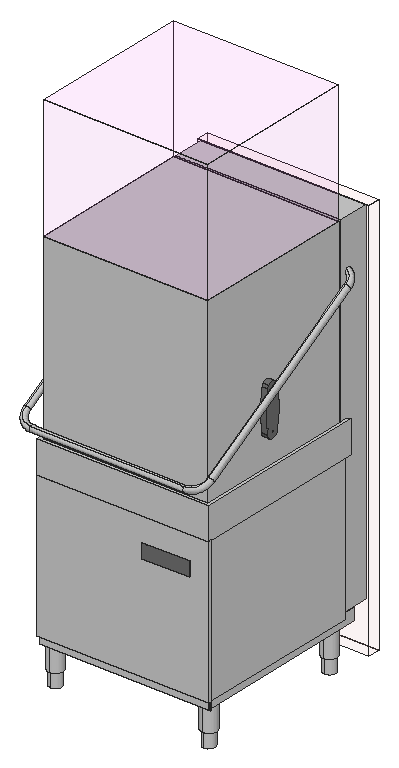
Revit family "AX-UX-100-120_GENERADO", category Equipos especializados, Revit 2016
Family settings
  Tipo de pieza = Normal
  Cota de conector redondo = Diámetro de uso
  Número OmniClass = 23.21.21.19.11
  Se basa en plano de trabajo = No
  Siempre vertical = Sí
  Corte con vacíos al cargar = No
  Compartido = No
  Punto de cálculo de habitación = No
Parameters (values of type "Dishwasher UX-120SBC 220/60/3")
  Width = 650 mm
  Weight in Pounds = 297.6
  Watts = 10000 W
  Volts = 220 V
  URL Cutsheet = "http://www.sammic.com/dl/462955/6a856/ps-en-1303403-pass-through-dishwashers-ux-120c-iso.pdf"
  URL = "https://www.sammic.com/model/1303403"
  Specification by Manufacturer = "Sani-Control: guaranteed disinfection\nDouble-walled hood: insulation and energy efficiency\nExclusive Hydroblade™ washing arms: maximum effectiveness.\n3-stage filtering system."
  Show Logo [instance] = yes
  Show Clearances [instance] = yes
  Revision Code = "1"
  Phase = 3
  Modelo = "1303403"
  Height = 0 mm
  HP = "13.41"
  Foodservice Equipment Identifier = yes
  Fabricante = "SAMMIC S.L."
  FL Amps = 28 A
  Descripción = "Dishwasher UX-120SBC 220/60/3"
  Depth = 755 mm
  Cycle = 60 Hz
  Type Comments = "Rack size 500x500mm and door clearance 430 mm. Double-skinned hood.\n\nELECTRICAL DATA:\n\n380V/60Hz/3N~ (16A)"
  Cold Water Size = 19.05 mm
  Cold Water Minimum Pressure = 0.0 Pa
  Cold Water Maximum Pressure = 0.4 Pa
  Cold Water Consumption = "2.8"
Types (66, lengths in mm): name | Width | Weight in Pounds | Watts | Volts | URL Cutsheet | URL | Specification by Manufacturer | Phase | Modelo | Height | HP | Fabricante | FL Amps | Descripción | Depth | Cycle | Type Comments | Cold Water Size | Cold Water Minimum Pressure | Cold Water Consumption
  (no name) | 0 | 0 | 0 W | 0 V | "" | 0 | "" | 0 | 0 | 0 | "" | 0 | 0 A | 0 | 0 | 0 Hz | "" | 0 | 0.0 Pa | ""
  Dishwasher AX-100 400/50/3N | 650 | 224.9 | 6750 W | 400 V | "http://www.sammic.com/dl/462903/70578/ps-en-1303300-ax-100.pdf" | "https://www.sammic.com/model/1303300" | "· Sani-Control: guaranteed disinfection\n· Exclusive Hydroblade™ washing arms: maximum effectiveness.\n· 3-stage filtering system." | 3 | "1303300" | 0 | "9.05" | "SAMMIC S.L." | 12.5 A | "Dishwasher AX-100 400/50/3N" | 755 | 50 Hz | "Rack size 500x500mm and door clearance 430 mm.\n\nELECTRICAL DATA:\n\n230V/50Hz/3~ (19A)\n230V/50Hz/1~ (30A)" | 19.05 | 0.2 Pa | "3"
  Dishwasher AX-100 220/60/3 | 650 | 224.9 | 7000 W | 220 V | "http://www.sammic.com/dl/462906/4c3b1/ps-en-1303303-ax-100.pdf" | "https://www.sammic.com/model/1303303" | "· Sani-Control: guaranteed disinfection\n· Exclusive Hydroblade™ washing arms: maximum effectiveness.\n· 3-stage filtering system." | 3 | "1303303" | 0 | "9.39" | "SAMMIC S.L." | 21 A | "Dishwasher AX-100 220/60/3" | 755 | 60 Hz | "Rack size 500x500mm and door clearance 430 mm.\n\nELECTRICAL DATA:\n\n380V/60Hz/3N~ (14.5A)" | 19.05 | 0.2 Pa | "3"
  Dishwasher AX-100 220/60/1 | 650 | 224.9 | 7000 W | 220 V | "http://www.sammic.com/dl/467449/ee2d7/ps-en-1303309-ax-100.pdf" | "https://www.sammic.com/model/1303309" | "· Sani-Control: guaranteed disinfection\n· Exclusive Hydroblade™ washing arms: maximum effectiveness.\n· 3-stage filtering system." | 1 | "1303309" | 0 | "9.39" | "SAMMIC S.L." | 32 A | "Dishwasher AX-100 220/60/1" | 755 | 60 Hz | "Rack size 500x500mm and door clearance 430 mm.\n\nELECTRICAL DATA:\n\n220V/60Hz/3~ (21A)\n380V/60Hz/60~ (14A)" | 19.05 | 0.2 Pa | "3"
  Dishwasher AX-100B 400/50/3N | 650 | 227.1 | 7000 W | 220 V | "http://www.sammic.com/dl/462910/49aa8/ps-en-1303308-ax-100.pdf" | "https://www.sammic.com/model/1303308" | "· Sani-Control: guaranteed disinfection\n· Exclusive Hydroblade™ washing arms: maximum effectiveness.\n· 3-stage filtering system." | 3 | "1303308" | 0 | "9.39" | "SAMMIC S.L." | 21 A | "Dishwasher AX-100B 400/50/3N" | 755 | 60 Hz | "Rack size 500x500mm and door clearance 430 mm.\n\nELECTRICAL DATA:\n\n380V/60Hz/3N~ (14.5A)" | 19.05 | 0.2 Pa | "3"
  Dishwasher AX-100 220/60/1 M | 650 | 224.9 | 7000 W | 220 V | "http://www.sammic.com/dl/467740/cde2c/ps-en-1302388-ax-100.pdf" | "https://www.sammic.com/model/1302388" | "· Sani-Control: guaranteed disinfection\n· Exclusive Hydroblade™ washing arms: maximum effectiveness.\n· 3-stage filtering system." | 1 | "1302388" | 0 | "9.39" | "SAMMIC S.L." | 32 A | "Dishwasher AX-100 220/60/1 M" | 755 | 60 Hz | "Rack size 500x500mm and door clearance 430 mm." | 19.05 | 0.2 Pa | "3"
  Dishwasher AX-100 230/50/1 DD | 648 | 224.9 | 6700 W | 230 V | "http://www.sammic.com/dl/462905/cb4b4/ps-en-1303302-ax-100.pdf" | "https://www.sammic.com/model/1303302" | "Sani-Control: guaranteed disinfection.\nExclusive Hydroblade™ washing arms: maximum effectiveness.\n3-stage filtering system." | 1 | "1303302" | 0 | "8.98" | "SAMMIC S.L." | 30 A | "Dishwasher AX-100 230/50/1 DD" | 756 | 50 Hz | "Rack size 500x500mm and door clearance 430 mm.\n\nELECTRICAL DATA:\n\n230V/50Hz/3~ (19A)\n400V/50Hz/3N~ (12.5A)" | 19.05 | 0.2 Pa | "3"
  Dishwasher AX-100 400/50/3N DD | 648 | 224.9 | 6700 W | 400 V | "http://www.sammic.com/dl/462904/f55ed/ps-en-1303301-ax-100.pdf" | "https://www.sammic.com/model/1303301" | "Sani-Control: guaranteed disinfection.\nExclusive Hydroblade™ washing arms: maximum effectiveness.\n3-stage filtering system." | 3 | "1303301" | 0 | "8.98" | "SAMMIC S.L." | 12.5 A | "Dishwasher AX-100 400/50/3N DD" | 756 | 50 Hz | "Rack size 500x500mm and door clearance 430 mm.\n\nELECTRICAL DATA:\n\n230V/50Hz/3~ (19A)\n230V/50Hz/1~ (30A)" | 19.05 | 0.2 Pa | "3"
  Dishwasher AX-100B 230/50/1 DD | 648 | 227.1 | 6700 W | 230 V | "http://www.sammic.com/dl/462909/1721c/ps-en-1303307-ax-100.pdf" | "https://www.sammic.com/model/1303307" | "Sani-Control: guaranteed disinfection.\nExclusive Hydroblade™ washing arms: maximum effectiveness.\n3-stage filtering system." | 1 | "1303307" | 0 | "8.98" | "SAMMIC S.L." | 30 A | "Dishwasher AX-100B 230/50/1 DD" | 756 | 50 Hz | "Rack size 500x500mm and door clearance 430 mm.\n\nELECTRICAL DATA:\n\n230V/50Hz/3~ (19A)\n400V/50Hz/3N~ (12.5A)" | 19.05 | 0.2 Pa | "3"
  Dishwasher AX-100B 400/50/3N DD | 650 | 227.1 | 6700 W | 400 V | "http://www.sammic.com/dl/462908/da321/ps-en-1303306-ax-100.pdf" | "https://www.sammic.com/model/1303306" | "Sani-Control: guaranteed disinfection.\nExclusive Hydroblade™ washing arms: maximum effectiveness.\n3-stage filtering system." | 3 | "1303306" | 0 | "8.98" | "SAMMIC S.L." | 12.5 A | "Dishwasher AX-100B 400/50/3N DD" | 756 | 50 Hz | "Rack size 500x500mm and door clearance 430 mm.\n\nELECTRICAL DATA:\n\n230V/50Hz/3~ (19A)\n230V/50Hz/1~ (30A)" | 19.05 | 0.2 Pa | "3"
  Dishwasher AX-100BC 230/50/1 DD | 648 | 246.9 | 6750 W | 230 V | "http://www.sammic.com/dl/462911/b7482/ps-en-1303313-ax-100bc.pdf" | "https://www.sammic.com/model/1303313" | "Sani-Control: guaranteed disinfection. Constant high temperatura rinse system for optimal disinfection.\nExclusive Hydroblade™ washing arms: maximum effectiveness.\n3-stage filtering system." | 1 | "1303313" | 0 | "9.05" | "SAMMIC S.L." | 30 A | "Dishwasher AX-100BC 230/50/1 DD" | 756 | 50 Hz | "Rack size 500x500mm and door clearance 430 mm.\n\nELECTRICAL DATA:\n\n230V/50Hz/3~ (19A)\n400V/50Hz/3N~ (12.5A)" | 19.05 | 0.0 Pa | "2.8"
  Dishwasher AX-100BC 400/50/3N DD | 648 | 246.9 | 6750 W | 400 V | "http://www.sammic.com/dl/462912/e6fca/ps-en-1303314-ax-100bc.pdf" | "https://www.sammic.com/model/1303314" | "Sani-Control: guaranteed disinfection. Constant high temperatura rinse system for optimal disinfection.\nExclusive Hydroblade™ washing arms: maximum effectiveness.\n3-stage filtering system." | 3 | "1303314" | 0 | "9.05" | "SAMMIC S.L." | 12.5 A | "Dishwasher AX-100BC 400/50/3N DD" | 756 | 50 Hz | "Rack size 500x500mm and door clearance 430 mm.\n\nELECTRICAL DATA:\n\n230V/50Hz/3~ (19A)\n230V/50Hz/1~ (30A)" | 19.05 | 0.0 Pa | "2.8"
  Dishwasher AX-100BCD 230/50/1 DD | 648 | 251.3 | 6750 W | 230 V | "http://www.sammic.com/dl/462913/96cb1/ps-en-1303317-ax-100bc.pdf" | "https://www.sammic.com/model/1303317" | "Sani-Control: guaranteed disinfection. Constant high temperatura rinse system for optimal disinfection.\nExclusive Hydroblade™ washing arms: maximum effectiveness.\n3-stage filtering system." | 1 | "1303317" | 0 | "9.05" | "SAMMIC S.L." | 30 A | "Dishwasher AX-100BCD 230/50/1 DD" | 756 | 50 Hz | "Rack size 500x500mm and door clearance 430 mm.\n\nELECTRICAL DATA:\n\n230V/50Hz/3~ (19A)\n400V/50Hz/3N~ (12.5A)" | 19.05 | 0.0 Pa | "2.8"
  Dishwasher AX-100BCD 400/50/3N DD | 648 | 251.3 | 6750 W | 400 V | "http://www.sammic.com/dl/462914/95cf2/ps-en-1303318-ax-100bc.pdf" | "https://www.sammic.com/model/1303318" | "Sani-Control: guaranteed disinfection. Constant high temperatura rinse system for optimal disinfection.\nExclusive Hydroblade™ washing arms: maximum effectiveness.\n3-stage filtering system." | 3 | "1303318" | 0 | "9.05" | "SAMMIC S.L." | 12.5 A | "Dishwasher AX-100BCD 400/50/3N DD" | 756 | 50 Hz | "Rack size 500x500mm and door clearance 430 mm.\n\nELECTRICAL DATA:\n\n230V/50Hz/3~ (19A)\n230V/50Hz/1~ (30A)" | 19.05 | 0.0 Pa | "2.8"
  Dishwasher UX-100 400/50/3N | 650 | 224.9 | 8200 W | 400 V | "http://www.sammic.com/dl/462915/d9384/ps-en-1303320-ux-100.pdf" | "https://www.sammic.com/model/1303320" | "· Sani-Control: guaranteed disinfection.\n· Exclusive Hydroblade™ washing arms: maximum effectiveness.\n· 3-stage filtering system." | 3 | "1303320" | 1525 | "11" | "SAMMIC S.L." | 14 A | "Dishwasher UX-100 400/50/3N" | 755 | 50 Hz | "Rack size 500x500mm and door clearance 430 mm.\n\nELECTRICAL DATA:\n\n230V/50Hz/3~ (24A)\n230V/50Hz/1~ (38A)" | 19.05 | 0.2 Pa | "2.8"
  Dishwasher UX-100B 400/50/3N | 650 | 227.1 | 8200 W | 400 V | "http://www.sammic.com/dl/462918/f27ed/ps-en-1303323-ux-100.pdf" | "https://www.sammic.com/model/1303323" | "· Sani-Control: guaranteed disinfection.\n· Exclusive Hydroblade™ washing arms: maximum effectiveness.\n· 3-stage filtering system." | 3 | "1303323" | 1525 | "11" | "SAMMIC S.L." | 14 A | "Dishwasher UX-100B 400/50/3N" | 755 | 50 Hz | "Rack size 500x500mm and door clearance 430 mm.\n\nELECTRICAL DATA:\n\n230V/50Hz/3~ (24A)\n230V/50Hz/1~ (38A)" | 19.05 | 0.2 Pa | "2.8"
  Dishwasher UX-100 220/60/3 | 650 | 224.9 | 8500 W | 220 V | "" | "https://www.sammic.com/model/1303319" | "· Sani-Control: guaranteed disinfection.\n· Exclusive Hydroblade™ washing arms: maximum effectiveness.\n· 3-stage filtering system." | 3 | "1303319" | 1525 | "11.4" | "SAMMIC S.L." | 24.7 A | "Dishwasher UX-100 220/60/3" | 755 | 60 Hz | "Rack size 500x500mm and door clearance 430 mm.\n\nELECTRICAL DATA:\n\n380V/60Hz/3N~ (16.8A)" | 19.05 | 0.2 Pa | "2.8"
  Dishwasher UX-100 230/50/1 DD | 648 | 224.9 | 8250 W | 230 V | "http://www.sammic.com/dl/462916/c3a87/ps-en-1303321-ux-100.pdf" | "https://www.sammic.com/model/1303321" | "Sani-Control: guaranteed disinfection\nExclusive Hydroblade™ washing arms: maximum effectiveness.\n3-stage filtering system." | 1 | "1303321" | 1510 | "11.06" | "SAMMIC S.L." | 38 A | "Dishwasher UX-100 230/50/1 DD" | 756 | 50 Hz | "Rack size 500x500mm and door clearance 430 mm.\n\nELECTRICAL DATA:\n\n230V/50Hz/3~ (24A)\n400V/50Hz/3N~ (14A)" | 19.05 | 0.2 Pa | "3"
  Dishwasher UX-100 400/50/3N DD | 648 | 224.9 | 8250 W | 400 V | "http://www.sammic.com/dl/462917/b7c66/ps-en-1303322-ux-100.pdf" | "https://www.sammic.com/model/1303322" | "Sani-Control: guaranteed disinfection\nExclusive Hydroblade™ washing arms: maximum effectiveness.\n3-stage filtering system." | 3 | "1303322" | 1510 | "11.06" | "SAMMIC S.L." | 14 A | "Dishwasher UX-100 400/50/3N DD" | 756 | 50 Hz | "Rack size 500x500mm and door clearance 430 mm.\n\nELECTRICAL DATA:\n\n230V/50Hz/3~ (24A)\n230V/50Hz/1~ (38A)" | 19.05 | 0.2 Pa | "3"
  Dishwasher UX-100B 230/50/1 DD | 648 | 227.1 | 8250 W | 230 V | "http://www.sammic.com/dl/462919/15dfa/ps-en-1303324-ux-100.pdf" | "https://www.sammic.com/model/1303324" | "Sani-Control: guaranteed disinfection\nExclusive Hydroblade™ washing arms: maximum effectiveness.\n3-stage filtering system." | 1 | "1303324" | 1510 | "11.06" | "SAMMIC S.L." | 37 A | "Dishwasher UX-100B 230/50/1 DD" | 756 | 50 Hz | "Rack size 500x500mm and door clearance 430 mm.\n\nELECTRICAL DATA:\n\n230V/50Hz/3~ (24A)\n400V/50Hz/3N~ (14A)" | 19.05 | 0.2 Pa | "3"
  Dishwasher UX-100B 400/50/3N DD | 648 | 227.1 | 8250 W | 400 V | "http://www.sammic.com/dl/462920/2a6f3/ps-en-1303325-ux-100.pdf" | "https://www.sammic.com/model/1303325" | "Sani-Control: guaranteed disinfection\nExclusive Hydroblade™ washing arms: maximum effectiveness.\n3-stage filtering system." | 3 | "1303325" | 1510 | "11.06" | "SAMMIC S.L." | 14 A | "Dishwasher UX-100B 400/50/3N DD" | 756 | 50 Hz | "Rack size 500x500mm and door clearance 430 mm.\n\nELECTRICAL DATA:\n\n230V/50Hz/3~ (24A)\n230V/50Hz/1~ (38A)" | 19.05 | 0.2 Pa | "3"
  Glasswasher UX-100B 220/60/3 DD | 648 | 227.1 | 8500 W | 220 V | "http://www.sammic.com/dl/467345/a7a9e/ps-en-1303326-ux-100.pdf" | "https://www.sammic.com/model/1303326" | "Sani-Control: guaranteed disinfection\nExclusive Hydroblade™ washing arms: maximum effectiveness.\n3-stage filtering system." | 3 | "1303326" | 1510 | "11.4" | "SAMMIC S.L." | 24.5 A | "Glasswasher UX-100B 220/60/3 DD" | 756 | 60 Hz | "Rack size 500x500mm and door clearance 430 mm.\n\nELECTRICAL DATA:\n\n380V/60Hz/3N~ (16.8A)" | 19.05 | 0.2 Pa | "3"
  Glasswasher UX-100B 220/60/1 DD | 648 | 227.1 | 8500 W | 220 V | "http://www.sammic.com/dl/467431/86d62/ps-en-1303327-ux-100.pdf" | "https://www.sammic.com/model/1303327" | "Sani-Control: guaranteed disinfection\nExclusive Hydroblade™ washing arms: maximum effectiveness.\n3-stage filtering system." | 1 | "1303327" | 1510 | "11.4" | "SAMMIC S.L." | 38.6 A | "Glasswasher UX-100B 220/60/1 DD" | 756 | 60 Hz | "Rack size 500x500mm and door clearance 430 mm.\n\nELECTRICAL DATA:\n\n220V/60Hz/3~ (24.5A)\n380V/60Hz/3N~ (16.8A)" | 19.05 | 0.2 Pa | "3"
  Dishwasher UX-120 400/50/3N | 650 | 229.3 | 10000 W | 400 V | "http://www.sammic.com/dl/462921/32cae/ps-en-1303340-ux-120.pdf" | "https://www.sammic.com/model/1303340" | "· Sani-Control: guaranteed disinfection.\n· Exclusive Hydroblade™ washing arms: maximum effectiveness.\n· 3-stage filtering system." | 3 | "1303340" | 1525 | "13.41" | "SAMMIC S.L." | 16 A | "Dishwasher UX-120 400/50/3N" | 755 | 50 Hz | "Rack size 500x500mm and door clearance 430 mm.\n\nELECTRICAL DATA:\n\n230V/50Hz/3~ (27A)" | 19.05 | 0.2 Pa | "2.8"
  Dishwasher UX-120 220/60/3 | 650 | 229.3 | 10000 W | 220 V | "http://www.sammic.com/dl/462923/579a1/ps-en-1303343-ux-120.pdf" | "https://www.sammic.com/model/1303343" | "· Sani-Control: guaranteed disinfection.\n· Exclusive Hydroblade™ washing arms: maximum effectiveness.\n· 3-stage filtering system." | 3 | "1303343" | 1525 | "13.41" | "SAMMIC S.L." | 29 A | "Dishwasher UX-120 220/60/3" | 755 | 60 Hz | "Rack size 500x500mm and door clearance 430 mm.\n\nELECTRICAL DATA:\n\n380V/60Hz/3N~ (16A)" | 19.05 | 0.2 Pa | "2.8"
  Dishwasher UX-120B 400/50/3N | 650 | 231.5 | 10000 W | 400 V | "http://www.sammic.com/dl/462924/38d28/ps-en-1303344-ux-120.pdf" | "https://www.sammic.com/model/1303344" | "· Sani-Control: guaranteed disinfection.\n· Exclusive Hydroblade™ washing arms: maximum effectiveness.\n· 3-stage filtering system." | 3 | "1303344" | 1525 | "13.41" | "SAMMIC S.L." | 16 A | "Dishwasher UX-120B 400/50/3N" | 755 | 50 Hz | "Rack size 500x500mm and door clearance 430 mm.\n\nELECTRICAL DATA:\n\n230V/50Hz/3~ (27A)" | 19.05 | 0.2 Pa | "2.8"
  Dishwasher UX-120B 220/60/3 | 650 | 233.7 | 10000 W | 220 V | "http://www.sammic.com/dl/462926/d5d21/ps-en-1303347-ux-120.pdf" | "https://www.sammic.com/model/1303347" | "· Sani-Control: guaranteed disinfection.\n· Exclusive Hydroblade™ washing arms: maximum effectiveness.\n· 3-stage filtering system." | 3 | "1303347" | 1525 | "13.41" | "SAMMIC S.L." | 29 A | "Dishwasher UX-120B 220/60/3" | 755 | 60 Hz | "Rack size 500x500mm and door clearance 430 mm.\n\nELECTRICAL DATA:\n\n380V/60Hz/3N~ (16A)" | 19.05 | 0.2 Pa | "2.8"
  Dishwasher UX-120BC 400/50/3N | 650 | 255.7 | 1000 W | 400 V | "http://www.sammic.com/dl/462927/cb1f7/ps-en-1303350-ux-120.pdf" | "https://www.sammic.com/model/1303350" | "Sani-Control: guaranteed disinfection\nExclusive Hydroblade™ washing arms: maximum effectiveness.\n3-stage filtering system." | 3 | "1303350" | 1525 | "1.34" | "SAMMIC S.L." | 16 A | "Dishwasher UX-120BC 400/50/3N" | 755 | 50 Hz | "Rack size 500x500mm and door clearance 430 mm.\n\nELECTRICAL DATA:\n\n230V/50Hz/3~ (27A)" | 19.05 | 0.0 Pa | "2.8"
  Dishwasher UX-120BCD 400/50/3N | 650 | 260.1 | 10000 W | 400 V | "http://www.sammic.com/dl/462930/5955f/ps-en-1303360-ux-120.pdf" | "https://www.sammic.com/model/1303360" | "Sani-Control: guaranteed disinfection\nExclusive Hydroblade™ washing arms: maximum effectiveness.\n3-stage filtering system." | 3 | "1303360" | 1525 | "13.41" | "SAMMIC S.L." | 16 A | "Dishwasher UX-120BCD 400/50/3N" | 755 | 50 Hz | "Rack size 500x500mm and door clearance 430 mm.\n\nELECTRICAL DATA:\n\n230V/50Hz/3~ (27A)" | 19.05 | 0.0 Pa | "2.8"
  Dishwasher UX-120BCD 220/60/3 | 650 | 260.1 | 10000 W | 0 V | "http://www.sammic.com/dl/462933/e3564/ps-en-1303363-ux-120.pdf" | "https://www.sammic.com/model/1303363" | "Sani-Control: guaranteed disinfection\nExclusive Hydroblade™ washing arms: maximum effectiveness.\n3-stage filtering system." | 0 | "1303363" | 1525 | "13.41" | "SAMMIC S.L." | 0 A | "Dishwasher UX-120BCD 220/60/3" | 755 | 0 Hz | "Rack size 500x500mm and door clearance 430 mm." | 19.05 | 0.0 Pa | "2.8"
  Dishwasher UX-120 400/50/3N DD | 650 | 229.3 | 10000 W | 400 V | "http://www.sammic.com/dl/462922/ad1ff/ps-en-1303341-pass-through-dishwashers-ux-120-uk.pdf" | "https://www.sammic.com/model/1303341" | "Sani-Control: guaranteed disinfection\nExclusive Hydroblade™ washing arms: maximum effectiveness.\n3-stage filtering system." | 3 | "1303341" | 0 | "13.41" | "SAMMIC S.L." | 16 A | "Dishwasher UX-120 400/50/3N DD" | 755 | 50 Hz | "Rack size 500x500mm and door clearance 430 mm\n\nELECTRICAL DATA:\n\n230V/50Hz/3~ (27A)" | 19.05 | 0.2 Pa | "2.8"
  Dishwasher UX-120B 400/50/3N DD | 650 | 233.7 | 10000 W | 400 V | "http://www.sammic.com/dl/462925/8e364/ps-en-1303345-pass-through-dishwashers-ux-120-uk.pdf" | "https://www.sammic.com/model/1303345" | "Sani-Control: guaranteed disinfection\nExclusive Hydroblade™ washing arms: maximum effectiveness.\n3-stage filtering system." | 3 | "1303345" | 0 | "13.41" | "SAMMIC S.L." | 16 A | "Dishwasher UX-120B 400/50/3N DD" | 755 | 50 Hz | "Rack size 500x500mm and door clearance 430 mm\n\nELECTRICAL DATA:\n\n230V/50Hz/3~ (27A)" | 19.05 | 0.2 Pa | "2.8"
  Dishwasher UX-120BC 400/503N DD | 648 | 255.7 | 10000 W | 400 V | "http://www.sammic.com/dl/462928/51358/ps-en-1303351-pass-through-dishwashers-ux-120c-uk.pdf" | "https://www.sammic.com/model/1303351" | "Sani-Control: guaranteed disinfection.\nExclusive Hydroblade™ washing arms: maximum effectiveness.\n3-stage filtering system." | 3 | "1303351" | 0 | "13.41" | "SAMMIC S.L." | 16 A | "Dishwasher UX-120BC 400/503N DD" | 756 | 50 Hz | "Rack size 500x500mm and door clearance 430 mm.\n\nELECTRICAL DATA:\n\n230V/50Hz/3~ (27A)" | 19.05 | 0.0 Pa | "2.8"
  Dishwasher UX-120BC 230/50/1 DD | 648 | 255.7 | 8500 W | 230 V | "http://www.sammic.com/dl/463101/3de76/ps-en-1303352-pass-through-dishwashers-ux-120c-uk.pdf" | "https://www.sammic.com/model/1303352" | "Sani-Control: guaranteed disinfection.\nExclusive Hydroblade™ washing arms: maximum effectiveness.\n3-stage filtering system." | 1 | "1303352" | 0 | "11.4" | "SAMMIC S.L." | 38.6 A | "Dishwasher UX-120BC 230/50/1 DD" | 756 | 50 Hz | "Rack size 500x500mm and door clearance 430 mm.\n\nELECTRICAL DATA:\n\n230V/50Hz/3~ (24A)\n400V/50Hz/3N~ (14A)" | 19.05 | 0.0 Pa | "2.8"
  Dishwasher UX-120BCD 400/50/3N DD | 648 | 260.1 | 10000 W | 400 V | "http://www.sammic.com/dl/462931/f516a/ps-en-1303361-pass-through-dishwashers-ux-120c-uk.pdf" | "https://www.sammic.com/model/1303361" | "Sani-Control: guaranteed disinfection.\nExclusive Hydroblade™ washing arms: maximum effectiveness.\n3-stage filtering system." | 31 | "1303361" | 0 | "13.41" | "SAMMIC S.L." | 16 A | "Dishwasher UX-120BCD 400/50/3N DD" | 756 | 20 Hz | "Rack size 500x500mm and door clearance 430 mm.\n\nELECTRICAL DATA:\n\n230V/20Hz/3~ (27A)" | 19.05 | 0.0 Pa | "2.8"
  Dishwasher UX-120BCD 230/50/1 DD | 648 | 260.1 | 8500 W | 230 V | "http://www.sammic.com/dl/462932/dc7c2/ps-en-1303362-pass-through-dishwashers-ux-120c-uk.pdf" | "https://www.sammic.com/model/1303362" | "Sani-Control: guaranteed disinfection.\nExclusive Hydroblade™ washing arms: maximum effectiveness.\n3-stage filtering system." | 1 | "1303362" | 0 | "11.4" | "SAMMIC S.L." | 38.6 A | "Dishwasher UX-120BCD 230/50/1 DD" | 756 | 50 Hz | "Rack size 500x500mm and door clearance 430 mm.\n\nELECTRICAL DATA:\n\n230V/50Hz/3~ (24A)\n400V/50Hz/3N~ (14A)" | 19.05 | 0.0 Pa | "2.8"
  Dishwasher UX-120BV 400/50/3N | 650 | 275.6 | 10000 W | 400 V | "http://www.sammic.com/dl/462934/97df9/ps-en-1303365-pass-through-dishwashers-ux-120v.pdf" | "https://www.sammic.com/model/1303365" | "Sani-Control: guaranteed disinfection\nExclusive Hydroblade™ washing arms: maximum effectiveness.\n3-stage filtering system.\nSteam condenser: environmental improvement and energy efficiency." | 3 | "1303365" | 2035 | "13.41" | "SAMMIC S.L." | 16 A | "Dishwasher UX-120BV 400/50/3N" | 755 | 50 Hz | "Rack size 500x500mm and door clearance 430 mm.\n\nELECTRICAL DATA:\n\n230V/50Hz/3~ (27A)" | 19.05 | 0.25 Pa | "2.8"
  Dishwasher UX-120BV 220/60/3 | 650 | 275.6 | 10000 W | 220 V | "http://www.sammic.com/dl/462937/f4adc/ps-en-1303368-pass-through-dishwashers-ux-120v.pdf" | "https://www.sammic.com/model/1303368" | "Sani-Control: guaranteed disinfection\nExclusive Hydroblade™ washing arms: maximum effectiveness.\n3-stage filtering system.\nSteam condenser: environmental improvement and energy efficiency." | 3 | "1303368" | 2035 | "13.41" | "SAMMIC S.L." | 29 A | "Dishwasher UX-120BV 220/60/3" | 755 | 60 Hz | "Rack size 500x500mm and door clearance 430 mm.\n\nELECTRICAL DATA:\n\n380V/60Hz/3N~ (16A)" | 19.05 | 0.25 Pa | "2.8"
  Dishwasher UX-120BV 400/50/3N DD | 650 | 277.8 | 10000 W | 400 V | "http://www.sammic.com/dl/462935/92f87/ps-en-1303366-pass-through-dishwashers-ux-120v-uk.pdf" | "https://www.sammic.com/model/1303366" | "Sani-Control: guaranteed disinfection\nExclusive Hydroblade™ washing arms: maximum effectiveness.\n3-stage filtering system.\nSteam condenser: environmental improvement and energy efficiency." | 3 | "1303366" | 2035 | "13.41" | "SAMMIC S.L." | 16 A | "Dishwasher UX-120BV 400/50/3N DD" | 755 | 50 Hz | "Rack size 500x500mm and door clearance 430 mm.\n\nELECTRICAL DATA:\n\n230V/50Hz/3~ (27A)" | 19.05 | 0.25 Pa | "2.8"
  Dishwasher UX-120BV 230/50/1 DD | 650 | 277.8 | 8500 W | 230 V | "http://www.sammic.com/dl/462936/dd783/ps-en-1303367-pass-through-dishwashers-ux-120v-uk.pdf" | "https://www.sammic.com/model/1303367" | "Sani-Control: guaranteed disinfection\nExclusive Hydroblade™ washing arms: maximum effectiveness.\n3-stage filtering system.\nSteam condenser: environmental improvement and energy efficiency." | 1 | "1303367" | 2035 | "11.4" | "SAMMIC S.L." | 38.6 A | "Dishwasher UX-120BV 230/50/1 DD" | 755 | 50 Hz | "Rack size 500x500mm and door clearance 430 mm.\n\nELECTRICAL DATA:\n\n230V/50Hz/3~ (24A)\n400V/50Hz/3N~ (14A)" | 19.05 | 0.25 Pa | "2.8"
  Dishwasher UX-120BCV 400/50/3N DD | 650 | 302 | 10000 W | 400 V | "http://www.sammic.com/dl/462939/cfe89/ps-en-1303371-pass-through-dishwashers-ux-120cv-uk.pdf" | "https://www.sammic.com/model/1303371" | "Sani-Control: guaranteed disinfection\nExclusive Hydroblade™ washing arms: maximum effectiveness.\n3-stage filtering system.\nSteam condenser: environmental improvement and energy efficiency." | 3 | "1303371" | 2035 | "13.41" | "SAMMIC S.L." | 16 A | "Dishwasher UX-120BCV 400/50/3N DD" | 755 | 50 Hz | "Rack size 500x500mm and door clearance 430 mm\n\nELECTRICAL DATA:\n\n230V/50Hz/3~ (27A)" | 19.05 | 0.0 Pa | "2.8"
  Dishwasher UX-120BCV 230/50/1 DD | 650 | 302 | 8500 W | 230 V | "http://www.sammic.com/dl/462940/3ebb5/ps-en-1303372-pass-through-dishwashers-ux-120cv-uk.pdf" | "https://www.sammic.com/model/1303372" | "Sani-Control: guaranteed disinfection\nExclusive Hydroblade™ washing arms: maximum effectiveness.\n3-stage filtering system.\nSteam condenser: environmental improvement and energy efficiency." | 1 | "1303372" | 2035 | "11.4" | "SAMMIC S.L." | 38.6 A | "Dishwasher UX-120BCV 230/50/1 DD" | 755 | 50 Hz | "Rack size 500x500mm and door clearance 430 mm\n\nELECTRICAL DATA:\n\n230V/50Hz/3~ (24A)\n400V/50Hz/3N~ (14A)" | 19.05 | 0.0 Pa | "2.8"
  Dishwasher UX-120BCDV 400/50/3N DD | 650 | 304.2 | 10000 W | 400 V | "http://www.sammic.com/dl/462943/3f3fa/ps-en-1303376-pass-through-dishwashers-ux-120cv-uk.pdf" | "https://www.sammic.com/model/1303376" | "Sani-Control: guaranteed disinfection\nExclusive Hydroblade™ washing arms: maximum effectiveness.\n3-stage filtering system.\nSteam condenser: environmental improvement and energy efficiency." | 3 | "1303376" | 2035 | "13.41" | "SAMMIC S.L." | 16 A | "Dishwasher UX-120BCDV 400/50/3N DD" | 755 | 50 Hz | "Rack size 500x500mm and door clearance 430 mm\n\nELECTRICAL DATA:\n\n230V/50Hz/3~ (27A)" | 19.05 | 0.0 Pa | "2.8"
  Dishwasher UX-120BCDV 230/50/1 DD | 650 | 304.2 | 8500 W | 230 V | "http://www.sammic.com/dl/462944/f3d1f/ps-en-1303377-pass-through-dishwashers-ux-120cv-uk.pdf" | "https://www.sammic.com/model/1303377" | "Sani-Control: guaranteed disinfection\nExclusive Hydroblade™ washing arms: maximum effectiveness.\n3-stage filtering system.\nSteam condenser: environmental improvement and energy efficiency." | 1 | "1303377" | 2035 | "11.4" | "SAMMIC S.L." | 38.6 A | "Dishwasher UX-120BCDV 230/50/1 DD" | 755 | 50 Hz | "Rack size 500x500mm and door clearance 430 mm\n\nELECTRICAL DATA:\n\n230V/50Hz/3~ (24A)\n400V/50Hz/3N~ (14A)" | 19.05 | 0.0 Pa | "2.8"
  Dishwasher UX-120S 400/50/3N | 650 | 255.7 | 10000 W | 400 V | "http://www.sammic.com/dl/462946/a4d67/ps-en-1303390-lavavajillas-de-cupula-ux-120-iso.pdf" | "https://www.sammic.com/model/1303390" | "Sani-Control: guaranteed disinfection\nDouble-walled hood: insulation and energy efficiency\nExclusive Hydroblade™ washing arms: maximum effectiveness.\n3-stage filtering system." | 3 | "1303390" | 0 | "13.41" | "SAMMIC S.L." | 16 A | "Dishwasher UX-120S 400/50/3N" | 756 | 50 Hz | "Rack size 500x500mm and door clearance 430 mm. Double-skinned hood.\n\nELECTRICAL DATA:\n\n230V/50Hz/3~ (27A)" | 19.05 | 0.2 Pa | "2.8"
  Dishwasher UX-120S 220/60/3 | 650 | 255.7 | 10000 W | 220 V | "http://www.sammic.com/dl/462948/8c5b2/ps-en-1303393-lavavajillas-de-cupula-ux-120-iso.pdf" | "https://www.sammic.com/model/1303393" | "Sani-Control: guaranteed disinfection\nDouble-walled hood: insulation and energy efficiency\nExclusive Hydroblade™ washing arms: maximum effectiveness.\n3-stage filtering system." | 3 | "1303393" | 0 | "13.41" | "SAMMIC S.L." | 28 A | "Dishwasher UX-120S 220/60/3" | 756 | 60 Hz | "Rack size 500x500mm and door clearance 430 mm. Double-skinned hood.\n\nELECTRICAL DATA:\n\n380V/60Hz/3N~ (16A)" | 19.05 | 0.2 Pa | "2.8"
  Dishwasher UX-120SB 400/50/3N | 650 | 257.9 | 10000 W | 400 V | "http://www.sammic.com/dl/462949/63c7b/ps-en-1303394-lavavajillas-de-cupula-ux-120-iso.pdf" | "https://www.sammic.com/model/1303394" | "Sani-Control: guaranteed disinfection\nDouble-walled hood: insulation and energy efficiency\nExclusive Hydroblade™ washing arms: maximum effectiveness.\n3-stage filtering system." | 3 | "1303394" | 0 | "13.41" | "SAMMIC S.L." | 16 A | "Dishwasher UX-120SB 400/50/3N" | 756 | 50 Hz | "Rack size 500x500mm and door clearance 430 mm. Double-skinned hood.\n\nELECTRICAL DATA:\n\n230V/50Hz/3~ (27A)" | 19.05 | 0.2 Pa | "2.8"
  Dishwasher UX-120SB 220/60/3 | 650 | 257.9 | 10000 W | 220 V | "http://www.sammic.com/dl/462951/65151/ps-en-1303397-lavavajillas-de-cupula-ux-120-iso.pdf" | "https://www.sammic.com/model/1303397" | "Sani-Control: guaranteed disinfection\nDouble-walled hood: insulation and energy efficiency\nExclusive Hydroblade™ washing arms: maximum effectiveness.\n3-stage filtering system." | 3 | "1303397" | 0 | "13.41" | "SAMMIC S.L." | 28 A | "Dishwasher UX-120SB 220/60/3" | 756 | 60 Hz | "Rack size 500x500mm and door clearance 430 mm. Double-skinned hood.\n\nELECTRICAL DATA:\n\n380V/60Hz/3N~ (16A)" | 19.05 | 0.2 Pa | "2.8"
  Dishwasher UX-120SBC 220/60/3 | 650 | 297.6 | 10000 W | 220 V | "http://www.sammic.com/dl/462955/6a856/ps-en-1303403-pass-through-dishwashers-ux-120c-iso.pdf" | "https://www.sammic.com/model/1303403" | "Sani-Control: guaranteed disinfection\nDouble-walled hood: insulation and energy efficiency\nExclusive Hydroblade™ washing arms: maximum effectiveness.\n3-stage filtering system." | 3 | "1303403" | 0 | "13.41" | "SAMMIC S.L." | 28 A | "Dishwasher UX-120SBC 220/60/3" | 755 | 60 Hz | "Rack size 500x500mm and door clearance 430 mm. Double-skinned hood.\n\nELECTRICAL DATA:\n\n380V/60Hz/3N~ (16A)" | 19.05 | 0.0 Pa | "2.8"
  Dishwasher UX-120SBCD 220/60/3 | 650 | 299.8 | 10000 W | 0 V | "http://www.sammic.com/dl/462959/f8a55/ps-en-1303408-pass-through-dishwashers-ux-120c-iso.pdf" | "https://www.sammic.com/model/1303408" | "Sani-Control: guaranteed disinfection\nDouble-walled hood: insulation and energy efficiency\nExclusive Hydroblade™ washing arms: maximum effectiveness.\n3-stage filtering system." | 0 | "1303408" | 0 | "13.41" | "SAMMIC S.L." | 0 A | "Dishwasher UX-120SBCD 220/60/3" | 755 | 0 Hz | "Rack size 500x500mm and door clearance 430 mm. Double-skinned hood." | 19.05 | 0.0 Pa | "2.8"
  Dishwasher UX-120SBCV 220/60/3 | 650 | 350.5 | 10000 W | 220 V | "http://www.sammic.com/dl/462966/464ca/ps-en-1303418-pass-through-dishwashers-us-120cv-iso.pdf" | "https://www.sammic.com/model/1303418" | "Sani-Control: guaranteed disinfection\nDouble-walled hood: insulation and energy efficiency\nExclusive Hydroblade™ washing arms: maximum effectiveness.\n3-stage filtering system.\nSteam condenser: environmental improvement and energy efficiency." | 3 | "1303418" | 2035 | "13.41" | "SAMMIC S.L." | 28 A | "Dishwasher UX-120SBCV 220/60/3" | 755 | 60 Hz | "Rack size 500x500mm and door clearance 430 mm. Double-skinned hood.\n\nELECTRICAL DATA:\n\n380V/60Hz/3N~ (16A)" | 19.05 | 0.0 Pa | "2.8"
  Dishwasher UX-120SBCDV 220/60/3 | 650 | 354.9 | 10000 W | 0 V | "http://www.sammic.com/dl/462970/615a1/ps-en-1303423-pass-through-dishwashers-us-120cv-iso.pdf" | "https://www.sammic.com/model/1303423" | "Sani-Control: guaranteed disinfection\nDouble-walled hood: insulation and energy efficiency\nExclusive Hydroblade™ washing arms: maximum effectiveness.\n3-stage filtering system.\nSteam condenser: environmental improvement and energy efficiency." | 0 | "1303423" | 2035 | "13.41" | "SAMMIC S.L." | 0 A | "Dishwasher UX-120SBCDV 220/60/3" | 755 | 0 Hz | "Rack size 500x500mm and door clearance 430 mm. Double-skinned hood." | 19.05 | 0.0 Pa | "2.8"
  Dishwasher UX-120S 400/50/3N DD | 650 | 255.7 | 10000 W | 400 V | "http://www.sammic.com/dl/462947/522eb/ps-en-1303391-hood-type-dishwasher-ux-120-iso-uk.pdf" | "https://www.sammic.com/model/1303391" | "Sani-Control: guaranteed disinfection\nDouble-walled hood: insulation and energy efficiency\nExclusive Hydroblade™ washing arms: maximum effectiveness.\n3-stage filtering system." | 3 | "1303391" | 0 | "13.41" | "SAMMIC S.L." | 16 A | "Dishwasher UX-120S 400/50/3N DD" | 755 | 50 Hz | "Rack size 500x500mm and door clearance 430 mm. Double-skinned hood.\n\nELECTRICAL DATA:\n\n230V/50Hz/3~ (27A)" | 19.05 | 0.2 Pa | "3"
  Dishwasher UX-120SB 400/50/3N DD | 650 | 257.9 | 1000 W | 400 V | "http://www.sammic.com/dl/462950/de739/ps-en-1303395-hood-type-dishwasher-ux-120-iso-uk.pdf" | "https://www.sammic.com/model/1303395" | "Sani-Control: guaranteed disinfection\nDouble-walled hood: insulation and energy efficiency\nExclusive Hydroblade™ washing arms: maximum effectiveness.\n3-stage filtering system." | 3 | "1303395" | 0 | "1.34" | "SAMMIC S.L." | 16 A | "Dishwasher UX-120SB 400/50/3N DD" | 755 | 50 Hz | "Rack size 500x500mm and door clearance 430 mm. Double-skinned hood.\n\nELECTRICAL DATA:\n\n230V/50Hz/3~ (27A)" | 19.05 | 0.2 Pa | "3"
  Dishwasher UX-120SBC 400/50/3N DD | 650 | 297.6 | 10000 W | 400 V | "http://www.sammic.com/dl/462953/a0efa/ps-en-1303401-hood-type-dishwasher-ux-120c-iso-uk.pdf" | "https://www.sammic.com/model/1303401" | "Sani-Control: guaranteed disinfection.\nDouble-walled hood: insulation and energy efficiency.\nExclusive Hydroblade™ washing arms: maximum effectiveness.\n3-stage filtering system." | 3 | "1303401" | 0 | "13.41" | "SAMMIC S.L." | 16 A | "Dishwasher UX-120SBC 400/50/3N DD" | 755 | 50 Hz | "Rack size 500x500mm and door clearance 440 mm. Double-skinned hood.\n\nELECTRICAL DATA:\n\n230V/50Hz/3~ (27A)" | 19.05 | 0.0 Pa | "2.8"
  Dishwasher UX-120SBC 230/50/1 DD | 650 | 297.6 | 8500 W | 230 V | "http://www.sammic.com/dl/462954/76c77/ps-en-1303402-hood-type-dishwasher-ux-120c-iso-uk.pdf" | "https://www.sammic.com/model/1303402" | "Sani-Control: guaranteed disinfection.\nDouble-walled hood: insulation and energy efficiency.\nExclusive Hydroblade™ washing arms: maximum effectiveness.\n3-stage filtering system." | 1 | "1303402" | 0 | "11.4" | "SAMMIC S.L." | 38.6 A | "Dishwasher UX-120SBC 230/50/1 DD" | 755 | 50 Hz | "Rack size 500x500mm and door clearance 440 mm. Double-skinned hood.\n\nELECTRICAL DATA:\n\n230V/50Hz/3~ (24A)\n400V/50Hz/3N~ (14A)" | 19.05 | 0.0 Pa | "2.8"
  Dishwasher UX-120SBCD 400/50/3N DD | 650 | 299.8 | 10000 W | 400 V | "http://www.sammic.com/dl/462957/67613/ps-en-1303406-hood-type-dishwasher-ux-120c-iso-uk.pdf" | "https://www.sammic.com/model/1303406" | "Sani-Control: guaranteed disinfection.\nDouble-walled hood: insulation and energy efficiency.\nExclusive Hydroblade™ washing arms: maximum effectiveness.\n3-stage filtering system." | 3 | "1303406" | 0 | "13.41" | "SAMMIC S.L." | 16 A | "Dishwasher UX-120SBCD 400/50/3N DD" | 755 | 50 Hz | "Rack size 500x500mm and door clearance 440 mm. Double-skinned hood.\n\nELECTRICAL DATA:\n\n230V/50Hz/3~ (27A)" | 19.05 | 0.0 Pa | "2.8"
  Dishwasher UX-120SBCD 230/50/1 DD | 650 | 299.8 | 8500 W | 230 V | "http://www.sammic.com/dl/462958/cf55d/ps-en-1303407-hood-type-dishwasher-ux-120c-iso-uk.pdf" | "https://www.sammic.com/model/1303407" | "Sani-Control: guaranteed disinfection.\nDouble-walled hood: insulation and energy efficiency.\nExclusive Hydroblade™ washing arms: maximum effectiveness.\n3-stage filtering system." | 1 | "1303407" | 0 | "11.4" | "SAMMIC S.L." | 38.6 A | "Dishwasher UX-120SBCD 230/50/1 DD" | 755 | 50 Hz | "Rack size 500x500mm and door clearance 440 mm. Double-skinned hood.\n\nELECTRICAL DATA:\n\n230V/50Hz/3~ (24A)\n400V/50Hz/3N~ (14A)" | 19.05 | 0.0 Pa | "2.8"
  Dishwasher UX-120SBV 400/50/3N DD | 650 | 330.7 | 10000 W | 400 V | "http://www.sammic.com/dl/462961/b1ed9/ps-en-1303411-hood-type-dishwasher-ux-120v-iso-uk.pdf" | "https://www.sammic.com/model/1303411" | "Sani-Control: guaranteed disinfection\nDouble-walled hood: insulation and energy efficiency\nExclusive Hydroblade™ washing arms: maximum effectiveness.\n3-stage filtering system.\nSteam condenser: environmental improvement and energy efficiency." | 3 | "1303411" | 2035 | "13.41" | "SAMMIC S.L." | 16 A | "Dishwasher UX-120SBV 400/50/3N DD" | 755 | 50 Hz | "Rack size 500x500mm and door clearance 430 mm. Double-skinned hood.\n\nELECTRICAL DATA:\n\n230V/50Hz/3~ (27A)" | 19.05 | 0.25 Pa | "3"
  Dishwasher UX-120SBV 230/50/1 DD | 650 | 330.7 | 8500 W | 230 V | "http://www.sammic.com/dl/462962/bf237/ps-en-1303412-hood-type-dishwasher-ux-120v-iso-uk.pdf" | "https://www.sammic.com/model/1303412" | "Sani-Control: guaranteed disinfection\nDouble-walled hood: insulation and energy efficiency\nExclusive Hydroblade™ washing arms: maximum effectiveness.\n3-stage filtering system.\nSteam condenser: environmental improvement and energy efficiency." | 1 | "1303412" | 2035 | "11.4" | "SAMMIC S.L." | 38.6 A | "Dishwasher UX-120SBV 230/50/1 DD" | 755 | 50 Hz | "Rack size 500x500mm and door clearance 430 mm. Double-skinned hood.\n\nELECTRICAL DATA:\n\n230V/50Hz/3~ (24A)\n400V/50Hz/3N~ (14A)" | 19.05 | 0.25 Pa | "3"
  Dishwasher UX-120SBCV 400/50/3N DD | 650 | 350.5 | 10000 W | 400 V | "http://www.sammic.com/dl/462964/eae9c/ps-en-1303416-hood-type-dishwasher-ux-120-cv-iso-uk.pdf" | "https://www.sammic.com/model/1303416" | "Sani-Control: guaranteed disinfection\nDouble-walled hood: insulation and energy efficiency\nExclusive Hydroblade™ washing arms: maximum effectiveness.\n3-stage filtering system.\nSteam condenser: environmental improvement and energy efficiency." | 3 | "1303416" | 2035 | "13.41" | "SAMMIC S.L." | 16 A | "Dishwasher UX-120SBCV 400/50/3N DD" | 755 | 50 Hz | "Rack size 500x500mm and door clearance 440 mm. Double-skinned hood.\n\nELECTRICAL DATA:\n\n230V/50Hz/3~ (27A)" | 19.05 | 0.0 Pa | "2.8"
  Dishwasher UX-120SBCV 230/50/1 DD | 650 | 350.5 | 8500 W | 230 V | "http://www.sammic.com/dl/462965/97279/ps-en-1303417-hood-type-dishwasher-ux-120-cv-iso-uk.pdf" | "https://www.sammic.com/model/1303417" | "Sani-Control: guaranteed disinfection\nDouble-walled hood: insulation and energy efficiency\nExclusive Hydroblade™ washing arms: maximum effectiveness.\n3-stage filtering system.\nSteam condenser: environmental improvement and energy efficiency." | 1 | "1303417" | 2035 | "11.4" | "SAMMIC S.L." | 38.6 A | "Dishwasher UX-120SBCV 230/50/1 DD" | 755 | 50 Hz | "Rack size 500x500mm and door clearance 440 mm. Double-skinned hood.\n\nELECTRICAL DATA:\n\n230V/50Hz/3~ (24A)\n400V/50Hz/3N~ (14A)" | 19.05 | 0.0 Pa | "2.8"
  Dishwasher UX-120SBCDV 400/50/3N DD | 650 | 354.9 | 1000 W | 400 V | "http://www.sammic.com/dl/462968/e2b2b/ps-en-1303421-hood-type-dishwasher-ux-120-cv-iso-uk.pdf" | "https://www.sammic.com/model/1303421" | "Sani-Control: guaranteed disinfection\nDouble-walled hood: insulation and energy efficiency\nExclusive Hydroblade™ washing arms: maximum effectiveness.\n3-stage filtering system.\nSteam condenser: environmental improvement and energy efficiency." | 3 | "1303421" | 2035 | "1.34" | "SAMMIC S.L." | 16 A | "Dishwasher UX-120SBCDV 400/50/3N DD" | 755 | 50 Hz | "Rack size 500x500mm and door clearance 440 mm. Double-skinned hood." | 19.05 | 0.0 Pa | "2.8"
  Dishwasher UX-120SBCDV 230/50/1 DD | 650 | 354.9 | 9000 W | 0 V | "http://www.sammic.com/dl/462969/ac965/ps-en-1303422-hood-type-dishwasher-ux-120-cv-iso-uk.pdf" | "https://www.sammic.com/model/1303422" | "Sani-Control: guaranteed disinfection\nDouble-walled hood: insulation and energy efficiency\nExclusive Hydroblade™ washing arms: maximum effectiveness.\n3-stage filtering system.\nSteam condenser: environmental improvement and energy efficiency." | 0 | "1303422" | 2035 | "12.07" | "SAMMIC S.L." | 0 A | "Dishwasher UX-120SBCDV 230/50/1 DD" | 755 | 0 Hz | "Rack size 500x500mm and door clearance 440 mm. Double-skinned hood." | 19.05 | 0.0 Pa | "2.8"
  Dishwasher UX-120B 220/60/3 DD | 650 | 229.3 | 8500 W | 0 V | "" | "https://www.sammic.com/model/1303348" | "Sani-Control: guaranteed disinfection\nExclusive Hydroblade™ washing arms: maximum effectiveness.\n3-stage filtering system." | 0 | "1303348" | 0 | "11.4" | "SAMMIC S.L." | 0 A | "Dishwasher UX-120B 220/60/3 DD" | 755 | 0 Hz | "Rack size 500x500mm and door clearance 430 mm" | 19.05 | 0.2 Pa | "2.8"
  Dishwasher UX-120BC 220/60/3 DD | 648 | 255.7 | 8500 W | 0 V | "" | "https://www.sammic.com/model/1303355" | "Sani-Control: guaranteed disinfection.\nExclusive Hydroblade™ washing arms: maximum effectiveness.\n3-stage filtering system." | 0 | "1303355" | 0 | "11.4" | "SAMMIC S.L." | 0 A | "Dishwasher UX-120BC 220/60/3 DD" | 756 | 0 Hz | "Rack size 500x500mm and door clearance 430 mm." | 19.05 | 0.0 Pa | "2.8"
Values of the unnamed type that differ from the named types
  Revision Code = ""
  Cold Water Maximum Pressure = 0.0 Pa
Reference planes
  plane 1 "Centro (Frontal/Posterior)": y = 0
  plane 2: z = 0
  plane 3 "Centro (Izquierda/Derecha)": x = 0
  plane 4: y = 50
  plane 5: x = -34.29
  plane 6: x = 684.941
  plane 7: y = -841.256
Forms (mm)
  Revolve 1, solid
    sketch origin (28.5, 16.526, 0) x (0, 1, 0) y (0, 0, 1)
      loop
        line (-756, 144.015) -> (-756, 55) -> (-750, 55) -> (-750, 0) -> (-727.5, 0) -> (-727.5, 144.015) -> (-756, 144.015)
      axis (-727.5, 144.015) -> (-727.5, 0)
    angle from 0 to 360
  Revolve 2, solid
    sketch origin (611.5, 16.526, 0) x (0, 1, 0) y (0, 0, 1)
      loop
        line (-756, 144.015) -> (-756, 55) -> (-750, 55) -> (-750, 0) -> (-727.5, 0) -> (-727.5, 144.015) -> (-756, 144.015)
      axis (-727.5, 144.015) -> (-727.5, 0)
    angle from 0 to 360
  Revolve 3, solid
    sketch origin (611.5, 590.526, 0) x (0, 1, 0) y (0, 0, 1)
      loop
        line (-756, 144.015) -> (-756, 55) -> (-750, 55) -> (-750, 0) -> (-727.5, 0) -> (-727.5, 144.015) -> (-756, 144.015)
      axis (-727.5, 144.015) -> (-727.5, 0)
    angle from 0 to 360
  Revolve 4, solid
    sketch origin (28.5, 590.526, 0) x (0, 1, 0) y (0, 0, 1)
      loop
        line (-756, 144.015) -> (-756, 55) -> (-750, 55) -> (-750, 0) -> (-727.5, 0) -> (-727.5, 144.015) -> (-756, 144.015)
      axis (-727.5, 144.015) -> (-727.5, 0)
    angle from 0 to 360
  Extrusion 5, solid
    sketch origin (0, 16.526, 0) x (0, 1, 0) y (0, 0, 1)
      loop
        line (-103.026, 727.25) -> (-103.026, 849.25) -> (-779.026, 849.25) -> (-779.026, 727.25) -> (-103.026, 727.25)
    from 0 to 651
  Extrusion 6, solid
    sketch origin (0, 16.526, 0) x (0, 1, 0) y (0, 0, 1)
      loop
        line (-779.026, 727.25) -> (-779.026, 178.25) -> (-769.026, 178.25) -> (-769.026, 147) -> (-765.526, 147) -> (-765.526, 727.25) -> (-779.026, 727.25)
    from 0 to 651
  Extrusion 7, solid
    sketch origin (0, 16.526, 0) x (0, 1, 0) y (0, 0, 1)
      loop
        line (-132.525, 727.25) -> (-765.526, 727.25) -> (-765.526, 179.26) -> (-132.525, 179.26) -> (-132.525, 727.25)
    from 0 to 651
  Extrusion 8, solid
    sketch origin (0, 16.526, 0) x (0, 1, 0) y (0, 0, 1)
      loop
        line (-765.526, 179.26) -> (-765.526, 147) -> (-79.526, 147) -> (-79.526, 192.5) -> (-132.525, 192.5) -> (-132.525, 179.26) -> (-765.526, 179.26)
    from 8 to 643
  Extrusion 9, solid
    sketch origin (0, 16.526, 0) x (0, 1, 0) y (0, 0, 1)
      loop
        line (-134.526, 1536.25) -> (-134.526, 850.571) -> (-103.026, 850.571) -> (-103.026, 727.25) -> (-130.516, 727.25) -> (-130.516, 192.5) -> (-16.526, 192.5) -> (-16.526, 1536.25) -> (-134.526, 1536.25)
    from 13 to 638
  Extrusion 10, solid
    sketch origin (0, 16.526, -465.75) x (0, 1, 0) y (0, 0, 1)
      loop
        line (-764.038, 2002) -> (-764.038, 1315) -> (-144.788, 1315) -> (-144.788, 2002) -> (-764.038, 2002)
    from 13 to 638
  Extrusion 11, solid
    sketch origin (0, 16.526, -465.75) x (0, 1, 0) y (0, 0, 1)
      loop
        circle (-489.038, 1446) r 5.602
      loop
        arc (-510.957, 1441.27) -> (-489.038, 1423.577) -> (-467.12, 1441.27) r 22.423
        arc (-467.12, 1441.27) -> (-458.742, 1511.223) -> (-463.491, 1581.515) r 377.985
        arc (-463.491, 1581.515) -> (-465.181, 1591.146) -> (-467.12, 1600.73) r 377.985
        arc (-467.12, 1600.73) -> (-483.472, 1617.721) -> (-505.98, 1610.689) r 22.423
        arc (-505.98, 1610.689) -> (-509.096, 1606.023) -> (-510.957, 1600.73) r 22.423
        arc (-510.957, 1600.73) -> (-519.461, 1521) -> (-510.957, 1441.27) r 377.985
      loop
        arc (-482.996, 1595.762) -> (-485.917, 1601.727) -> (-492.554, 1601.47) r 6.088
        arc (-492.554, 1601.47) -> (-492.16, 1591.273) -> (-482.996, 1595.762) r 6.088
    from -12 to 13
  Extrusion 12, solid
    sketch origin (674, 16.526, -465.75) x (0, 1, 0) y (0, 0, 1)
      loop
        circle (-489.038, 1446) r 5.602
      loop
        arc (-510.957, 1441.27) -> (-489.038, 1423.577) -> (-467.12, 1441.27) r 22.423
        arc (-467.12, 1441.27) -> (-458.742, 1511.223) -> (-463.491, 1581.515) r 377.985
        arc (-463.491, 1581.515) -> (-465.181, 1591.146) -> (-467.12, 1600.73) r 377.985
        arc (-467.12, 1600.73) -> (-483.472, 1617.721) -> (-505.98, 1610.689) r 22.423
        arc (-505.98, 1610.689) -> (-509.096, 1606.023) -> (-510.957, 1600.73) r 22.423
        arc (-510.957, 1600.73) -> (-519.461, 1521) -> (-510.957, 1441.27) r 377.985
      loop
        arc (-482.996, 1595.762) -> (-485.917, 1601.727) -> (-492.554, 1601.47) r 6.088
        arc (-492.554, 1601.47) -> (-492.16, 1591.273) -> (-482.996, 1595.762) r 6.088
    from -36 to -11
  Extrusion 13, solid
    sketch origin (0, 16.526, 0) x (1, 0, 0) y (0, 0, 1)
      loop
        line (397.389, 582.168) -> (579.09, 582.168) -> (579.09, 636.768) -> (397.389, 636.768) -> (397.389, 582.168)
    from 779.026 to 780.026
  Sweep 14, solid
    path in 3D
      loop
        arc (33, -72.723, 1359.711) -> (-14.376, -89.752, 1349.958) -> (-34, -130.863, 1326.414) r 67
        line (-34, -130.863, 1326.414) -> (-34, -781.688, 953.683)
        arc (-34, -781.688, 953.683) -> (-14.376, -822.799, 930.138) -> (33, -839.828, 920.386) r 67
        line (33, -839.828, 920.386) -> (618, -839.828, 920.386)
        arc (618, -839.828, 920.386) -> (665.376, -822.799, 930.138) -> (685, -781.688, 953.683) r 67
        line (685, -781.688, 953.683) -> (685, -130.863, 1326.414)
        arc (685, -130.863, 1326.414) -> (665.376, -89.752, 1349.958) -> (618, -72.723, 1359.711) r 67
        line (618, -72.723, 1359.711) -> (33, -72.723, 1359.711)
    profile origin (325.5, -72.723, 1359.711) x (0, 0, -1) y (0, -1, 0)
      loop
        circle (5.467, 9.545) r 11
  Extrusion 15, solid
    sketch origin (0, 16.526, 221.25) x (0, 1, 0) y (0, 0, 1)
      loop
        line (-764.038, 1780.75) -> (-764.038, 1315) -> (-144.788, 1315) -> (-144.788, 1780.75) -> (-764.038, 1780.75)
    from 13 to 638
  Extrusion 16, solid
    sketch origin (0, 0, 0) x (0, 1, 0) y (0, 0, 1)
      loop
        line (0, 1536.25) -> (0, 0) -> (50, 0) -> (50, 1536.25) -> (0, 1536.25)
    from 0 to 651
  Extrusion 17, void
    sketch origin (0, 0, 0) x (1, 0, 0) y (0, 0, 1)
      loop
        line (641, 147) -> (641, 192.5) -> (10, 192.5) -> (10, 147) -> (641, 147)
    from 63 to 108.355
  Extrusion 18, solid
    sketch origin (0, 0, 0) x (1, 0, 0) y (0, 0, 1)
      loop
        circle (262.009, 172) r 15
      loop
        circle (312.009, 172) r 15
    from 88.355 to 108.355
  Extrusion 19, solid
    sketch origin (0, 0, 0) x (1, 0, 0) y (0, 0, 1)
      loop
        circle (485.009, 169) r 15
    from 78.355 to 108.355
Cuts and joins
  Extrusion 17 cuts Extrusion 6
  Extrusion 17 cuts Extrusion 7
  Extrusion 17 cuts Extrusion 8
  Extrusion 17 cuts Extrusion 16
Lines and regions (mm)
  sketch lines
    curve 1: line (618, -72.723, 1359.711) -> (33, -72.723, 1359.711)
    curve 2: arc (33, -72.723, 1359.711) -> (-14.376, -89.752, 1349.958) -> (-34, -130.863, 1326.414) r 67
    curve 3: line (-34, -130.863, 1326.414) -> (-34, -781.688, 953.683)
    curve 4: arc (-34, -781.688, 953.683) -> (-14.376, -822.799, 930.138) -> (33, -839.828, 920.386) r 67
    curve 5: line (33, -839.828, 920.386) -> (618, -839.828, 920.386)
    curve 6: arc (618, -839.828, 920.386) -> (665.376, -822.799, 930.138) -> (685, -781.688, 953.683) r 67
    curve 7: line (685, -781.688, 953.683) -> (685, -130.863, 1326.414)
    curve 8: arc (685, -130.863, 1326.414) -> (665.376, -89.752, 1349.958) -> (618, -72.723, 1359.711) r 67
  symbolic lines, style "QF-Clearances"
    curve 9: line (0, 50, 0) -> (651, 50, 0)
  symbolic lines, style "200-EquipBorder-2D"
    curve 10: line (13, 0, 0) -> (638, 0, 0)
    curve 11: line (638, 0, 0) -> (638, -73.961, 0)
    curve 12: line (13, 0, 0) -> (13, -73.959, 0)
    curve 13: line (-34.29, -131.266, 0) -> (-34.29, -781.256, 0)
    curve 14: line (30.71, -841.256, 0) -> (619.941, -841.256, 0)
    curve 15: line (684.941, -781.256, 0) -> (684.941, -131.266, 0)
    curve 16: arc (13, -73.959, 0) -> (-20.941, -94.116, 0) -> (-34.29, -131.266, 0) r 58.368
    curve 17: arc (638, -73.961, 0) -> (671.708, -94.228, 0) -> (684.941, -131.266, 0) r 58.448
    curve 18: arc (30.71, -841.256, 0) -> (-13.571, -824.019, 0) -> (-34.29, -781.256, 0) r 65
    curve 19: arc (684.941, -781.256, 0) -> (664.222, -824.019, 0) -> (619.941, -841.256, 0) r 65
  symbolic lines, style "QF-Door-Drawer_Clearances"
    curve 20: line (13, -747.513, 0) -> (638, -747.513, 0)
    curve 21: line (13, -128.263, 0) -> (13, -747.513, 0)
    curve 22: line (638, -128.263, 0) -> (13, -128.263, 0)
    curve 23: line (638, -747.513, 0) -> (638, -128.263, 0)
Dimensions and locks
  aligned and locked: level to plane 2
Connectors
  piping at (262.009, -88.355, 172), diameter 30
    settings: on Extrusion 18, index 1, connector inside diameter 609.6 mm, connector length 0 mm, flow factor 0, pipe flow 0.0 L/s, pressure drop 0.0 Pa, fitting loss kfactor 0, connector angle 0.00°, fixture units 0, engagement length 0 mm, angle of deflection 0.00°, flow configuration 1, flow direction 1, fitting loss method 0, system type 20, joint type 0, gender type 0, connector reference index -1, connector utility 0, adjustable connector no, is connector primary yes, connector description "Conexion agua"
  piping at (312.009, -88.355, 172), diameter 30
    settings: on Extrusion 18, index 2, connector inside diameter 609.6 mm, connector length 0 mm, flow factor 0, pipe flow 0.0 L/s, pressure drop 0.0 Pa, fitting loss kfactor 0, connector angle 0.00°, fixture units 0, engagement length 0 mm, angle of deflection 0.00°, flow configuration 1, flow direction 2, fitting loss method 0, system type 16, joint type 0, gender type 0, connector reference index -1, connector utility 0, adjustable connector no, is connector primary no, connector description "Conexion agua"
  electrical at (485.009, -78.355, 169)
    settings: on Extrusion 19, index 3, voltage 230 V, apparent load 0 VA, apparent load phase1 0 VA, apparent load phase2 0 VA, apparent load phase3 0 VA, power factor 1, load classification "Otro", number of poles 1, system type 31, power factor state 1, is connector primary yes, connector utility no, sub classification motor no, connector description "Conexion electrica"
